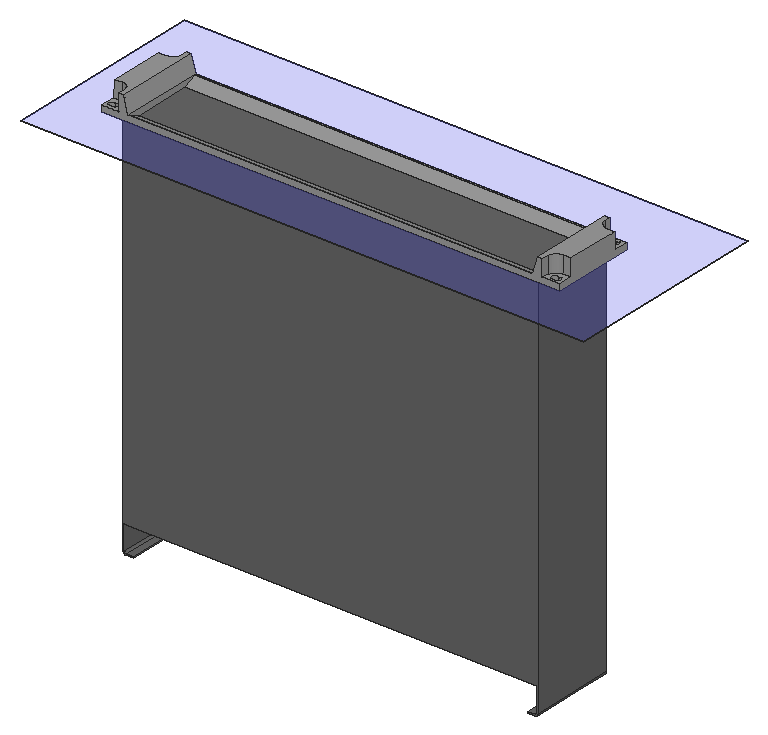
Revit family "QSC CXD 8 Channel Amplifier", category Generic Models, host Face, Revit 2014
Parameters (values of type "CXD8.8Q")
  Width = 482.6 mm  # constant formula
  Weight Product (lb) = 26
  Weight Product (kg) = 11.8
  Weight Dimensional (lb) = 30
  Weight Dimensional (kg) = 13.6
  Voltage AC = "100-240 at 50-60 Hz"  # constant formula
  URL = ""
  Regulatory Compliance = "UL, CE, RoHS/WEEE, FCC Class A"  # constant formula
  Product Page URL = "https://www.qsc.com/systems/products/power-amplifiers/dsp-amplifiers-ethernet/cxd-q-series/cxd88q/"
  Product Documentation Link = "https://www.qsc.com/resource-files/productresources/amp/cxd-q/q_amp_cxdq_8_specs.pdf"
  Model = "CXD8.8Q"
  Manufacturer URL = "http://www.qsc.com"
  Manufacturer = "QSC"  # constant formula
  Inner Front Width [instance] = 427.203 mm
  Height = 88.9 mm  # constant formula
  Heat Load Standby [instance] = 0
  Heat Load Active [instance] = 0
  Face Material [instance] = Light Gray Finish
  Description = "8000 Watt Multi-Channel Network Amplifier"
  Depth = 434.0 mm  # constant formula
  Default Elevation = 0.0 mm
  Current Draw [instance] = 0
  Amplifier Material [instance] = Black Finish
Types (5, lengths in mm): name | Weight Product (lb) | Weight Product (kg) | Weight Dimensional (lb) | Weight Dimensional (kg) | Product Page URL | Model | Description
  (no name) | 26 | 11.8 | 30 | 13.6 | "https://www.qsc.com/systems/products/power-amplifiers/dsp-amplifiers-ethernet/cxd-q-series/cxd88q/" | "CXD8.8Q" | "8000 Watt Multi-Channel Network Amplifier"
  CXD8.4Q | 25 | 11.3 | 29 | 13.2 | "https://www.qsc.com/systems/products/power-amplifiers/dsp-amplifiers-ethernet/cxd-q-series/cxd84q/" | "CXD8.4Q" | "4000 Watt Multi-Channel Network Amplifier"
  CXD8.4Qn | 25 | 11.3 | 29 | 13.2 | "https://www.qsc.com/systems/products/power-amplifiers/dsp-amplifiers-ethernet/cxd-q-series/cxd84qn/\r\nhttps://www.qsc.com/systems/products/power-amplifiers/dsp-amplifiers-ethernet/cxd-q-series/cxd84qn/\r\nhttps://www.qsc.com/systems/products/power-amplifiers/dsp-amplifiers-ethernet/cxd-q-series/cxd84qn/" | "CXD8.4Qn" | "4000 Watt Multi-Channel Network Only Amplifier"
  CXD8.8Q | 26 | 11.8 | 30 | 13.6 | "https://www.qsc.com/systems/products/power-amplifiers/dsp-amplifiers-ethernet/cxd-q-series/cxd88q/" | "CXD8.8Q" | "8000 Watt Multi-Channel Network Amplifier"
  CXD8.8Qn | 26 | 11.8 | 30 | 13.6 | "https://www.qsc.com/systems/products/power-amplifiers/dsp-amplifiers-ethernet/cxd-q-series/cxd88qn/" | "CXD8.8Qn" | "8000 Watt Multi-Channel Network Only Amplifier"
Reference planes
  plane 1 "Center (Front/Back)": y = 0
  plane 2: z = 0
  plane 3 "Center (Left/Right)": x = 0
  plane 4 "Left": x = -241.3
  plane 5 "Right": x = 241.3
  plane 6 "Top": y = 44.45
  plane 7 "Bottom": y = -44.45
  plane 8 "Back": z = -410.101
  plane 9: z = -381.399
  plane 10: x = -219.019
  plane 11: x = 219.019
  plane 12 "Front": z = 23.899
  plane 13: x = -207.869
  plane 14: x = 207.869
  plane 15: x = -240.508
  plane 16: x = -218.308
  plane 17: x = -213.601
  plane 18: z = 6.33
  plane 19: x = 240.508
  plane 20: x = 218.308
  plane 21: x = 213.601
  plane 22: z = 6.33
  plane 23: z = 14.049
  plane 24 "Inner Left": x = -213.601
  plane 25 "Inner Right": x = 213.601
Forms (mm)
  Extrusion 1, solid, material "Glass"
    sketch origin (0, 0, 0) x (1, 0, 0) y (0, 1, 0)
      loop
        line (-284.09, 118.816) -> (-284.09, -98.587) -> (309.771, -98.587) -> (309.771, 118.816) -> (-284.09, 118.816)
    from 0 to -0.992
  Extrusion 2, solid, material "Black Finish" <- "Amplifier Material"
    sketch origin (0, -44.45, 0) x (-1, 0, 0) y (0, 0, 1)
      loop
        line (241.3, 0) -> (-241.3, 0) -> (-241.3, -410.101) -> (241.3, -410.101) -> (241.3, 0)
    from 0 to 88.9 <- "Height"
  Extrusion 3, void
    sketch origin (0, -44.45, 0) x (-1, 0, 0) y (0, 0, 1)
      loop
        line (219.019, -410.101) -> (241.3, -410.101) -> (241.3, 0) -> (219.019, 0) -> (219.019, -410.101)
      loop
        line (-241.3, -410.101) -> (-219.019, -410.101) -> (-219.019, 0) -> (-241.3, 0) -> (-241.3, -410.101)
    from 0 to 88.9 <- "Height"
  Extrusion 4, void
    sketch origin (0, -44.45, 0) x (-1, 0, 0) y (0, 0, 1)
      loop
        arc (219.019, -406.799) -> (218.052, -409.134) -> (215.717, -410.101) r 3.302
        line (215.717, -410.101) -> (219.019, -410.101) -> (219.019, -406.799)
      loop
        line (217.818, -406.799) -> (217.818, -381.399) -> (-217.818, -381.399) -> (-217.818, -406.799)
        arc (-217.818, -406.799) -> (-217.202, -408.284) -> (-215.717, -408.9) r 2.101
        line (-215.717, -408.9) -> (-207.869, -408.9) -> (-207.869, -410.101) -> (207.869, -410.101) -> (207.869, -408.9) -> (215.717, -408.9)
        arc (215.717, -408.9) -> (217.202, -408.284) -> (217.818, -406.799) r 2.101
      loop
        line (-219.019, -406.799) -> (-219.019, -410.101) -> (-215.717, -410.101)
        arc (-215.717, -410.101) -> (-218.052, -409.134) -> (-219.019, -406.799) r 3.302
    from 0 to 88.9
  Extrusion 5, void
    sketch origin (0, -44.45, 0) x (-1, 0, 0) y (0, 0, 1)
      loop
        line (241.3, 0) -> (241.3, 23.899) -> (240.508, 23.899) -> (241.3, 0)
      loop
        line (218.308, 23.899) -> (-218.308, 23.899) -> (-213.601, 6.33)
        arc (-213.601, 6.33) -> (0, 13.726) -> (213.601, 6.33) r 3088.117
        line (213.601, 6.33) -> (218.308, 23.899)
      loop
        line (-240.508, 23.899) -> (-241.3, 23.899) -> (-241.3, 0) -> (-240.508, 23.899)
    from 0 to 88.9
  Extrusion 6, void
    sketch origin (0, 0, 23.899) x (-1, 0, 0) y (0, -1, 0)
      loop
        line (241.3, -44.45) -> (241.3, -28.905) -> (232.687, -28.905)
        arc (232.687, -28.905) -> (226.184, -31.39) -> (222.994, -37.577) r 9.753
        line (222.994, -37.577) -> (222.994, -44.45) -> (241.3, -44.45)
      loop
        line (241.3, 44.45) -> (222.994, 44.45) -> (222.994, 37.577)
        arc (222.994, 37.577) -> (226.184, 31.39) -> (232.687, 28.905) r 9.753
        line (232.687, 28.905) -> (241.3, 28.905) -> (241.3, 44.45)
      loop
        line (-241.3, -44.45) -> (-222.994, -44.45) -> (-222.994, -37.577)
        arc (-222.994, -37.577) -> (-226.184, -31.39) -> (-232.687, -28.905) r 9.753
        line (-232.687, -28.905) -> (-241.3, -28.905) -> (-241.3, -44.45)
      loop
        line (-241.3, 44.45) -> (-241.3, 28.905) -> (-232.687, 28.905)
        arc (-232.687, 28.905) -> (-226.184, 31.39) -> (-222.994, 37.577) r 9.753
        line (-222.994, 37.577) -> (-222.994, 44.45) -> (-241.3, 44.45)
    from 0 to -17.363
  Extrusion 7, void
    sketch origin (0, 0, 23.899) x (-1, 0, 0) y (0, -1, 0)
      loop
        arc (235.24, -41.935) -> (238.491, -38.684) -> (235.24, -35.433) r 3.251
        line (235.24, -35.433) -> (231.938, -35.433)
        arc (231.938, -35.433) -> (228.686, -38.684) -> (231.938, -41.935) r 3.251
        line (231.938, -41.935) -> (235.24, -41.935)
      loop
        arc (235.24, 35.433) -> (238.491, 38.684) -> (235.24, 41.935) r 3.251
        line (235.24, 41.935) -> (231.938, 41.935)
        arc (231.938, 41.935) -> (228.686, 38.684) -> (231.938, 35.433) r 3.251
        line (231.938, 35.433) -> (235.24, 35.433)
      loop
        arc (-231.938, -41.935) -> (-228.686, -38.684) -> (-231.938, -35.433) r 3.251
        line (-231.938, -35.433) -> (-235.24, -35.433)
        arc (-235.24, -35.433) -> (-238.491, -38.684) -> (-235.24, -41.935) r 3.251
        line (-235.24, -41.935) -> (-231.938, -41.935)
      loop
        arc (-231.938, 35.433) -> (-228.686, 38.684) -> (-231.938, 41.935) r 3.251
        line (-231.938, 41.935) -> (-235.24, 41.935)
        arc (-235.24, 41.935) -> (-238.491, 38.684) -> (-235.24, 35.433) r 3.251
        line (-235.24, 35.433) -> (-231.938, 35.433)
    from 0 to -25.4
  Extrusion 8, void
    sketch origin (-213.601, 0, 0) x (0, 1, 0) y (0, 0, 1)
      loop
        line (42.942, 5.825) -> (44.45, 23.899) -> (42.942, 23.899) -> (-44.45, 23.899) -> (-43.067, 5.712) -> (-30.265, 0) -> (30.581, 0) -> (42.942, 5.825)
    from 0 to 427.203 <- "Inner Front Width"
  Extrusion 9, void
    sketch origin (0, 0, -410.101) x (-1, 0, 0) y (0, -1, 0)
      loop
        line (-196.103, 5.009) -> (-183.681, 5.009) -> (-183.681, 28.269) -> (-196.103, 28.269) -> (-196.103, 5.009)
      loop
        line (67.483, -13.082) -> (87.397, -13.082) -> (87.397, -3.225) -> (67.483, -3.225) -> (67.483, -13.082)
      loop
        line (92.883, -13.082) -> (112.797, -13.082) -> (112.797, -3.225) -> (92.883, -3.225) -> (92.883, -13.082)
      loop
        line (118.283, -13.082) -> (138.197, -13.082) -> (138.197, -3.225) -> (118.283, -3.225) -> (118.283, -13.082)
      loop
        line (143.683, -13.082) -> (163.597, -13.082) -> (163.597, -3.225) -> (143.683, -3.225) -> (143.683, -13.082)
      loop
        line (186.289, 14.258) -> (201.973, 14.258) -> (201.973, 36.368) -> (186.289, 36.368) -> (186.289, 14.258)
      loop
        line (203.056, -9.263) -> (190.356, -9.263) -> (190.356, -25.649) -> (203.056, -25.649) -> (203.056, -9.263)
      loop
        line (189.464, -9.263) -> (176.764, -9.263) -> (176.764, -25.649) -> (189.464, -25.649) -> (189.464, -9.263)
      loop
        line (17.692, -30.016) -> (24.938, -30.016) -> (24.938, -23.09) -> (17.692, -23.09) -> (17.692, -30.016)
      loop
        line (17.692, -22.396) -> (24.938, -22.396) -> (24.938, -15.47) -> (17.692, -15.47) -> (17.692, -22.396)
      loop
        line (17.692, -14.776) -> (24.938, -14.776) -> (24.938, -7.85) -> (17.692, -7.85) -> (17.692, -14.776)
      loop
        line (17.692, -7.156) -> (24.938, -7.156) -> (24.938, -0.23) -> (17.692, -0.23) -> (17.692, -7.156)
      loop
        line (17.692, 0.464) -> (24.938, 0.464) -> (24.938, 7.39) -> (17.692, 7.39) -> (17.692, 0.464)
      loop
        line (17.692, 8.084) -> (24.938, 8.084) -> (24.938, 15.01) -> (17.692, 15.01) -> (17.692, 8.084)
      loop
        line (17.692, 15.704) -> (24.938, 15.704) -> (24.938, 22.63) -> (17.692, 22.63) -> (17.692, 15.704)
      loop
        line (17.692, 23.324) -> (24.938, 23.324) -> (24.938, 30.25) -> (17.692, 30.25) -> (17.692, 23.324)
    from 0 to 31.75
  Extrusion 10, solid, material "Light Gray Finish" <- "Face Material"
    sketch origin (0, -44.45, 0) x (-1, 0, 0) y (0, 0, 1)
      loop
        line (241.3, 23.899) -> (-241.3, 23.899) -> (-241.3, 0) -> (241.3, 0) -> (241.3, 23.899)
    from 0 to 88.9 <- "Height"
Cuts and joins
  Extrusion 3, Extrusion 4, Extrusion 5, Extrusion 6, Extrusion 7, Extrusion 8, Extrusion 9 cuts Extrusion 2
  Extrusion 5, Extrusion 6, Extrusion 7, Extrusion 8 cuts Extrusion 10
Lines and regions (mm)
  model lines, detail levels fine
    curve 1: arc (-219.019, 31.702, -388.707) -> (-219.019, 28.451, -385.455) -> (-219.019, 25.199, -388.707) r 3.251
    curve 2: line (-219.019, 25.199, -388.707) -> (-219.019, 25.199, -392.009)
    curve 3: arc (-219.019, 25.199, -392.009) -> (-219.019, 28.451, -395.26) -> (-219.019, 31.702, -392.009) r 3.251
    curve 4: line (-219.019, 31.702, -392.009) -> (-219.019, 31.702, -388.707)
    curve 5: arc (-219.019, 17.605, -401.915) -> (-219.019, 15.827, -400.137) -> (-219.019, 14.049, -401.915) r 1.778
    curve 6: arc (-219.019, 14.049, -401.915) -> (-219.019, 15.827, -403.693) -> (-219.019, 17.605, -401.915) r 1.778
    curve 7: arc (-219.019, -14.049, -401.915) -> (-219.019, -15.827, -400.137) -> (-219.019, -17.605, -401.915) r 1.778
    curve 8: arc (-219.019, -17.605, -401.915) -> (-219.019, -15.827, -403.693) -> (-219.019, -14.049, -401.915) r 1.778
    curve 9: arc (-219.019, -31.702, -392.009) -> (-219.019, -28.451, -395.26) -> (-219.019, -25.199, -392.009) r 3.251
    curve 10: line (-219.019, -25.199, -392.009) -> (-219.019, -25.199, -388.707)
    curve 11: arc (-219.019, -25.199, -388.707) -> (-219.019, -28.451, -385.455) -> (-219.019, -31.702, -388.707) r 3.251
    curve 12: line (-219.019, -31.702, -388.707) -> (-219.019, -31.702, -392.009)
    curve 13: arc (219.019, 31.702, -388.707) -> (219.019, 28.451, -385.455) -> (219.019, 25.199, -388.707) r 3.251
    curve 14: line (219.019, 25.199, -388.707) -> (219.019, 25.199, -392.009)
    curve 15: arc (219.019, 25.199, -392.009) -> (219.019, 28.451, -395.26) -> (219.019, 31.702, -392.009) r 3.251
    curve 16: line (219.019, 31.702, -392.009) -> (219.019, 31.702, -388.707)
    curve 17: arc (219.019, 17.605, -401.915) -> (219.019, 15.827, -400.137) -> (219.019, 14.049, -401.915) r 1.778
    curve 18: arc (219.019, 14.049, -401.915) -> (219.019, 15.827, -403.693) -> (219.019, 17.605, -401.915) r 1.778
    curve 19: arc (219.019, -14.049, -401.915) -> (219.019, -15.827, -400.137) -> (219.019, -17.605, -401.915) r 1.778
    curve 20: arc (219.019, -17.605, -401.915) -> (219.019, -15.827, -403.693) -> (219.019, -14.049, -401.915) r 1.778
    curve 21: arc (219.019, -31.702, -392.009) -> (219.019, -28.451, -395.26) -> (219.019, -25.199, -392.009) r 3.251
    curve 22: line (219.019, -25.199, -392.009) -> (219.019, -25.199, -388.707)
    curve 23: arc (219.019, -25.199, -388.707) -> (219.019, -28.451, -385.455) -> (219.019, -31.702, -388.707) r 3.251
    curve 24: line (219.019, -31.702, -388.707) -> (219.019, -31.702, -392.009)
    curve 25: circle (-211.933, 15.827, -410.101) r 1.778 normal (0, 0, 1)
    curve 26: circle (-211.933, -15.827, -410.101) r 1.778 normal (0, 0, -1)
    curve 27: circle (211.933, 15.827, -410.101) r 1.778 normal (0, 0, -1)
    curve 28: circle (211.933, -15.827, -410.101) r 1.778 normal (0, 0, 1)
    curve 61: line (-5.971, 18.803, 2.278) -> (-9.502, 22.296, 2.278)
    curve 62: line (57.828, 18.803, 2.278) -> (61.359, 22.296, 2.278)
    curve 63: line (57.828, -19.348, 2.278) -> (61.359, -22.84, 2.278)
    curve 64: line (-5.971, -19.348, 2.278) -> (-9.502, -22.84, 2.278)
    curve 69: arc (-99.815, -1.556, 2.278) -> (-100.423, -4.905, 2.278) -> (-101.046, -1.559, 2.278) r 1.73
    curve 70: line (-100.427, -3.175, 2.278) -> (-100.427, -0.069, 2.278)
    curve 71: line (-69.946, 17.216, 2.278) -> (-61.84, 17.216, 2.278)
    curve 72: line (-69.946, 13.082, 2.278) -> (-69.946, 17.216, 2.278)
    curve 73: line (-61.84, 13.082, 2.278) -> (-69.946, 13.082, 2.278)
    curve 74: line (-61.84, 17.216, 2.278) -> (-61.84, 13.082, 2.278)
    curve 75: line (-31.846, 17.216, 2.278) -> (-23.74, 17.216, 2.278)
    curve 76: line (-31.846, 13.082, 2.278) -> (-31.846, 17.216, 2.278)
    curve 77: line (-23.74, 13.082, 2.278) -> (-31.846, 13.082, 2.278)
    curve 78: line (-23.74, 17.216, 2.278) -> (-23.74, 13.082, 2.278)
    curve 79: line (-57.246, 17.216, 2.278) -> (-49.14, 17.216, 2.278)
    curve 80: line (-57.246, 13.082, 2.278) -> (-57.246, 17.216, 2.278)
    curve 81: line (-49.14, 13.082, 2.278) -> (-57.246, 13.082, 2.278)
    curve 82: line (-49.14, 17.216, 2.278) -> (-49.14, 13.082, 2.278)
    curve 83: line (-44.546, 17.216, 2.278) -> (-36.44, 17.216, 2.278)
    curve 84: line (-44.546, 13.082, 2.278) -> (-44.546, 17.216, 2.278)
    curve 85: line (-36.44, 13.082, 2.278) -> (-44.546, 13.082, 2.278)
    curve 86: line (-36.44, 17.216, 2.278) -> (-36.44, 13.082, 2.278)
    curve 87: line (-69.946, -5.009, 2.278) -> (-61.84, -5.009, 2.278)
    curve 88: line (-69.946, -9.143, 2.278) -> (-69.946, -5.009, 2.278)
    curve 89: line (-61.84, -9.143, 2.278) -> (-69.946, -9.143, 2.278)
    curve 90: line (-61.84, -5.009, 2.278) -> (-61.84, -9.143, 2.278)
    curve 91: line (-31.846, -5.009, 2.278) -> (-23.74, -5.009, 2.278)
    curve 92: line (-31.846, -9.143, 2.278) -> (-31.846, -5.009, 2.278)
    curve 93: line (-23.74, -9.143, 2.278) -> (-31.846, -9.143, 2.278)
    curve 94: line (-23.74, -5.009, 2.278) -> (-23.74, -9.143, 2.278)
    curve 95: line (-57.246, -5.009, 2.278) -> (-49.14, -5.009, 2.278)
    curve 96: line (-57.246, -9.143, 2.278) -> (-57.246, -5.009, 2.278)
    curve 97: line (-49.14, -9.143, 2.278) -> (-57.246, -9.143, 2.278)
    curve 98: line (-49.14, -5.009, 2.278) -> (-49.14, -9.143, 2.278)
    curve 99: line (-44.546, -5.009, 2.278) -> (-36.44, -5.009, 2.278)
    curve 100: line (-44.546, -9.143, 2.278) -> (-44.546, -5.009, 2.278)
    curve 101: line (-36.44, -9.143, 2.278) -> (-44.546, -9.143, 2.278)
    curve 102: line (-36.44, -5.009, 2.278) -> (-36.44, -9.143, 2.278)
    curve 103: line (69.724, 22.296, 2.278) -> (80.216, 22.296, 2.278)
    curve 104: line (69.724, 16.257, 2.278) -> (69.724, 22.296, 2.278)
    curve 105: line (80.216, 16.257, 2.278) -> (69.724, 16.257, 2.278)
    curve 106: line (80.216, 22.296, 2.278) -> (80.216, 16.257, 2.278)
    curve 107: line (69.724, -16.802, 2.278) -> (80.216, -16.802, 2.278)
    curve 108: line (69.724, -22.84, 2.278) -> (69.724, -16.802, 2.278)
    curve 109: line (80.216, -22.84, 2.278) -> (69.724, -22.84, 2.278)
    curve 110: line (80.216, -16.802, 2.278) -> (80.216, -22.84, 2.278)
    curve 111: line (69.724, 9.263, 2.278) -> (80.216, 9.263, 2.278)
    curve 112: line (69.724, 3.225, 2.278) -> (69.724, 9.263, 2.278)
    curve 113: line (80.216, 3.225, 2.278) -> (69.724, 3.225, 2.278)
    curve 114: line (80.216, 9.263, 2.278) -> (80.216, 3.225, 2.278)
  model lines, style "GenericModel", detail levels fine
    curve 29: line (2.049, -37.361, 3.166) -> (-0.167, -34.694, 1.976)
    curve 30: line (-0.167, -34.694, 1.976) -> (2.049, -37.361, 3.166)
    curve 31: line (-8.203, -37.028, 3.018) -> (-7.365, -34.277, 1.79)
    curve 32: line (-7.365, -34.277, 1.79) -> (-8.203, -37.028, 3.018)
    curve 33: line (-6.804, -38.849, 3.831) -> (-7.429, -33.759, 1.559)
    curve 34: line (-7.429, -33.759, 1.559) -> (-6.804, -38.849, 3.831)
    curve 35: line (5.017, -35.288, 2.241) -> (6.993, -36.614, 2.833)
    curve 36: line (6.993, -36.614, 2.833) -> (5.017, -35.288, 2.241)
  model lines, style "GenericModel", not visible, detail levels fine
    curve 37: line (344.322, -25.724, 0.794) -> (342.106, -22.804, 0.794)
    curve 38: line (342.106, -22.804, 0.794) -> (344.322, -25.724, 0.794)
    curve 39: line (334.07, -25.359, 0.794) -> (334.908, -22.347, 0.794)
    curve 40: line (334.908, -22.347, 0.794) -> (334.07, -25.359, 0.794)
    curve 41: line (335.469, -27.353, 0.794) -> (334.844, -21.779, 0.794)
    curve 42: line (334.844, -21.779, 0.794) -> (335.469, -27.353, 0.794)
    curve 43: line (347.29, -23.453, 0.794) -> (349.266, -24.905, 0.794)
    curve 44: line (349.266, -24.905, 0.794) -> (347.29, -23.453, 0.794)
  model lines, not visible
    curve 45: arc (-104.012, -1.588, 45.52) -> (-96.511, 5.913, 45.52) -> (-89.011, -1.588, 45.52) r 7.501
    curve 46: arc (-89.011, -1.588, 45.52) -> (-96.511, -9.088, 45.52) -> (-104.012, -1.588, 45.52) r 7.501
    curve 47: arc (73.897, 4.762, 45.52) -> (89.396, 20.262, 45.52) -> (104.895, 4.762, 45.52) r 15.499
    curve 48: arc (104.895, 4.762, 45.52) -> (89.396, -10.737, 45.52) -> (73.897, 4.762, 45.52) r 15.499
    curve 49: line (54.287, 24.465, 45.52) -> (54.287, -20.671, 45.52)
    curve 50: line (54.287, -20.671, 45.52) -> (-16.573, -20.671, 45.52)
    curve 51: line (-16.573, -20.671, 45.52) -> (-16.573, 24.465, 45.52)
    curve 52: line (-16.573, 24.465, 45.52) -> (54.287, 24.465, 45.52)
  model lines, detail levels medium+fine
    curve 53: line (-9.502, 22.296, 2.278) -> (61.359, 22.296, 2.278)
    curve 54: line (61.359, 22.296, 2.278) -> (61.359, -22.84, 2.278)
    curve 55: line (-9.502, -22.84, 2.278) -> (61.359, -22.84, 2.278)
    curve 56: line (-9.502, 22.296, 2.278) -> (-9.502, -22.84, 2.278)
    curve 57: line (-5.971, 18.803, 2.278) -> (57.828, 18.803, 2.278)
    curve 58: line (57.828, 18.803, 2.278) -> (57.828, -19.348, 2.278)
    curve 59: line (-5.971, 18.803, 2.278) -> (-5.971, -19.348, 2.278)
    curve 60: line (-5.971, -19.348, 2.278) -> (57.828, -19.348, 2.278)
    curve 65: circle (101.82, -2.619, 2.278) r 15.494 normal (0, 0, 1)
    curve 66: circle (101.82, -2.619, 2.278) r 10.922 normal (0, 0, 1)
    curve 67: circle (-100.427, -3.175, 2.278) r 7.501 normal (0, 0, 1)
    curve 68: circle (-100.427, -3.175, 2.278) r 6.05 normal (0, 0, 1)
Dimensions and locks
  "Depth": plane 12 "Front" to plane 8 "Back"
  equal spacing: plane 6 "Top", plane 1 "Center (Front/Back)", plane 7 "Bottom"
  "Height": plane 6 "Top" to plane 7 "Bottom"
  equal spacing: plane 4 "Left", plane 3 "Center (Left/Right)", plane 5 "Right"
  "Width": plane 4 "Left" to plane 5 "Right"
  plane 9 to plane 8 "Back" = 28.702 mm
  plane 4 "Left" to plane 10 = 22.281 mm
  plane 11 to plane 5 "Right" = 22.281 mm
  plane 12 "Front" to plane 2 = 23.899 mm
  plane 10 to plane 13 = 11.151 mm
  plane 14 to plane 11 = 11.151 mm
  "Inner Front Width": plane 24 "Inner Left" to plane 25 "Inner Right"
  aligned and locked: plane 2 to Extrusion 1
  aligned and locked: level to Extrusion 1
  aligned and locked: Extrusion 2 sketch curve to plane 4 "Left"
  aligned and locked: plane 8 "Back" to Extrusion 2 sketch curve
  aligned and locked: Extrusion 2 sketch curve to plane 5 "Right"
  aligned and locked: Extrusion 3 sketch curve to plane 8 "Back"
  aligned and locked: Extrusion 3 sketch curve to plane 10
  aligned and locked: level to Extrusion 3 sketch curve  (x2)
  aligned and locked: Extrusion 3 sketch curve to plane 4 "Left"
  aligned and locked: Extrusion 3 sketch curve to Extrusion 2
  aligned and locked: Extrusion 2 to Extrusion 3 sketch curve
  aligned and locked: Extrusion 3 sketch curve to plane 11
  aligned and locked: Extrusion 2 sketch curve to plane 2
Automatic sketch dimensions
  Extrusion 1 sketch curve to Extrusion 1 sketch curve = 593.861 mm
  Extrusion 1 sketch curve to Extrusion 1 sketch curve = 217.403 mm
  Extrusion 4 sketch curve to plane 11 = 0.0 mm
  Extrusion 4 sketch curve to plane 9 = 0.0 mm
  Extrusion 4 sketch curve to plane 8 "Back" = 0.0 mm  (x3)
  Extrusion 4 sketch curve to plane 14 = 0.0 mm
  Extrusion 4 sketch curve to plane 13 = 0.0 mm
  Extrusion 4 sketch curve to plane 10 = 0.0 mm
  Extrusion 4 sketch curve to plane 11 = 1.201 mm
  plane 8 "Back" to Extrusion 4 sketch curve = 1.202 mm  (x2)
  plane 25 "Inner Right" to Extrusion 4 sketch curve = 2.116 mm
  Extrusion 4 sketch curve to Extrusion 4 sketch curve = 0.0 mm  (x2)
  Extrusion 4 sketch curve to plane 24 "Inner Left" = 2.116 mm
  plane 10 to Extrusion 4 sketch curve = 1.201 mm
  Extrusion 5 sketch curve to level = 0.0 mm  (x2)
  Extrusion 5 sketch curve to plane 5 "Right" = 0.0 mm
  Extrusion 5 sketch curve to plane 12 "Front" = 0.0 mm  (x3)
  plane 19 to Extrusion 5 sketch curve = 0.0 mm
  plane 20 to Extrusion 5 sketch curve = 0.0 mm
  Extrusion 5 sketch curve to plane 18 = 0.0 mm
  plane 21 to Extrusion 5 sketch curve = 0.0 mm
  Extrusion 5 sketch curve to plane 3 "Center (Left/Right)" = 0.0 mm
  Extrusion 5 sketch curve to plane 17 = 0.0 mm
  Extrusion 5 sketch curve to plane 16 = 0.0 mm
  Extrusion 5 sketch curve to plane 15 = 0.0 mm
  Extrusion 5 sketch curve to plane 4 "Left" = 0.0 mm
  Extrusion 5 sketch curve to plane 8 "Back" = 2664.29 mm
  Extrusion 6 sketch curve to plane 5 "Right" = 0.0 mm  (x2)
  Extrusion 6 sketch curve to plane 6 "Top" = 0.0 mm  (x2)
  Extrusion 6 sketch curve to plane 7 "Bottom" = 0.0 mm  (x2)
  Extrusion 6 sketch curve to plane 4 "Left" = 0.0 mm  (x2)
  Extrusion 6 sketch curve to plane 5 "Right" = 8.613 mm  (x2)
  plane 11 to Extrusion 6 sketch curve = 3.975 mm  (x2)
  Extrusion 6 sketch curve to plane 10 = 3.975 mm  (x2)
  plane 4 "Left" to Extrusion 6 sketch curve = 8.613 mm  (x2)
  Extrusion 6 sketch curve to plane 6 "Top" = 5.792 mm  (x2)
  Extrusion 6 sketch curve to plane 6 "Top" = 6.873 mm  (x2)
  plane 7 "Bottom" to Extrusion 6 sketch curve = 15.545 mm  (x2)
  plane 7 "Bottom" to Extrusion 6 sketch curve = 6.873 mm  (x2)
  plane 7 "Bottom" to Extrusion 7 sketch curve = 2.515 mm  (x2)
  Extrusion 7 sketch curve to plane 5 "Right" = 6.06 mm  (x2)
  Extrusion 7 sketch curve to Extrusion 7 sketch curve = 3.302 mm  (x4)
  plane 4 "Left" to Extrusion 7 sketch curve = 9.362 mm  (x2)
  Extrusion 7 sketch curve to plane 6 "Top" = 2.515 mm  (x2)
  Extrusion 7 sketch curve to Extrusion 7 sketch curve = 3.251 mm  (x2)
  Extrusion 7 sketch curve to Extrusion 7 sketch curve = 6.502 mm  (x2)
  curve 5 to curve 6 = 0.0 mm  (x2)
  curve 7 to curve 8 = 0.0 mm  (x2)
  curve 1 to Extrusion 3 = 21.394 mm
  curve 11 to Extrusion 3 = 21.394 mm
  curve 2 to curve 3 = 3.302 mm
  curve 10 to curve 10 = 3.302 mm
  curve 8 to Extrusion 3 = 8.186 mm
  curve 6 to Extrusion 3 = 8.186 mm
  Extrusion 3 to curve 1 = 12.748 mm
  curve 4 to curve 1 = 3.251 mm
  curve 3 to curve 5 = 7.595 mm
  curve 5 to curve 6 = 1.778 mm
  curve 5 to curve 7 = 28.097 mm
  curve 7 to curve 7 = 1.778 mm
  curve 8 to curve 11 = 7.595 mm
  curve 10 to curve 11 = 3.251 mm
  curve 17 to curve 18 = 0.0 mm  (x2)
  curve 19 to curve 20 = 0.0 mm  (x2)
  curve 19 to Extrusion 3 = 8.186 mm
  curve 18 to Extrusion 3 = 8.186 mm
  curve 17 to curve 16 = 9.906 mm
  curve 20 to curve 24 = 9.906 mm
  curve 15 to curve 16 = 3.302 mm
  curve 21 to curve 22 = 3.302 mm
  Extrusion 3 to curve 13 = 12.748 mm
  curve 13 to curve 13 = 3.251 mm
  curve 15 to curve 17 = 7.595 mm
  curve 17 to curve 18 = 1.778 mm
  curve 17 to curve 19 = 28.097 mm
  curve 19 to curve 19 = 1.778 mm
  curve 20 to curve 23 = 7.595 mm
  curve 22 to curve 23 = 3.251 mm
  curve 27 to plane 25 "Inner Right" = 1.669 mm
  curve 28 to plane 25 "Inner Right" = 1.669 mm
  plane 24 "Inner Left" to curve 26 = 1.669 mm
  plane 24 "Inner Left" to curve 25 = 1.669 mm
  curve 27 to plane 1 "Center (Front/Back)" = 15.827 mm
  curve 25 to plane 1 "Center (Front/Back)" = 15.827 mm
  plane 1 "Center (Front/Back)" to curve 28 = 15.827 mm
  plane 1 "Center (Front/Back)" to curve 26 = 15.827 mm
  Extrusion 8 sketch curve to plane 7 "Bottom" = 0.0 mm
  Extrusion 8 sketch curve to plane 12 "Front" = 0.0 mm
  Extrusion 8 sketch curve to plane 6 "Top" = 0.0 mm
  plane 7 "Bottom" to Extrusion 8 sketch curve = 1.383 mm
  Extrusion 8 sketch curve to Extrusion 8 sketch curve = 12.802 mm
  Extrusion 8 sketch curve to plane 6 "Top" = 13.869 mm
  Extrusion 8 sketch curve to plane 6 "Top" = 1.508 mm
  Extrusion 8 sketch curve to Extrusion 8 sketch curve = 1.508 mm
  curve 65 to curve 66 = 0.0 mm  (x2)
  curve 67 to curve 68 = 0.0 mm  (x2)
  curve 67 to curve 69 = 0.0 mm
  curve 68 to curve 69 = 0.0 mm
  curve 56 to plane 3 "Center (Left/Right)" = 9.502 mm
  plane 7 "Bottom" to curve 56 = 21.61 mm
  curve 64 to plane 3 "Center (Left/Right)" = 5.971 mm
  curve 55 to curve 64 = 3.492 mm
  plane 1 "Center (Front/Back)" to curve 67 = 3.175 mm
  curve 70 to curve 67 = 0.0 mm
  plane 1 "Center (Front/Back)" to curve 65 = 2.619 mm
  plane 1 "Center (Front/Back)" to curve 69 = 1.559 mm
  curve 69 to curve 69 = 0.003 mm
  plane 1 "Center (Front/Back)" to curve 70 = 0.069 mm
  curve 58 to plane 1 "Center (Front/Back)" = 18.803 mm
  curve 57 to curve 61 = 3.493 mm
  plane 3 "Center (Left/Right)" to curve 62 = 57.828 mm
  curve 53 to curve 57 = 3.531 mm
  curve 66 to curve 54 = 40.461 mm
  curve 55 to curve 69 = 90.313 mm
  curve 69 to curve 69 = 0.612 mm
  curve 69 to curve 70 = 0.612 mm
  Extrusion 10 sketch curve to level = 0.0 mm
  Extrusion 10 sketch curve to plane 4 "Left" = 0.0 mm
  Extrusion 10 sketch curve to plane 12 "Front" = 0.0 mm
  Extrusion 10 sketch curve to plane 5 "Right" = 0.0 mm
  level to Extrusion 8 sketch curve = 5.825 mm
  level to Extrusion 8 sketch curve = 5.712 mm
  level to Extrusion 8 sketch curve = 0.0 mm
  curve 76 to plane 1 "Center (Front/Back)" = 13.082 mm
  curve 81 to curve 84 = 0.0 mm
  curve 85 to curve 76 = 0.0 mm
  curve 74 to curve 80 = 0.0 mm
  curve 72 to curve 72 = 4.133 mm
  curve 76 to curve 75 = 4.133 mm
  curve 85 to curve 86 = 4.133 mm
  curve 80 to curve 79 = 4.133 mm
  curve 53 to curve 77 = 14.238 mm
  curve 77 to curve 77 = 8.106 mm
  curve 76 to curve 85 = 4.594 mm
  curve 85 to curve 84 = 8.106 mm
  curve 84 to curve 82 = 4.594 mm
  curve 81 to curve 81 = 8.106 mm
  curve 79 to curve 71 = 4.594 mm
  curve 71 to curve 71 = 8.106 mm
  plane 1 "Center (Front/Back)" to curve 90 = 9.143 mm
  curve 98 to curve 100 = 0.0 mm
  curve 101 to curve 92 = 0.0 mm
  curve 89 to curve 97 = 0.0 mm
  curve 88 to curve 88 = 4.133 mm
  curve 97 to curve 98 = 4.133 mm
  curve 93 to curve 91 = 4.133 mm
  curve 100 to curve 100 = 4.133 mm
  curve 55 to curve 94 = 14.238 mm
  curve 91 to curve 91 = 8.106 mm
  curve 92 to curve 101 = 4.594 mm
  curve 101 to curve 101 = 8.106 mm
  curve 100 to curve 98 = 4.594 mm
  curve 95 to curve 95 = 8.106 mm
  curve 96 to curve 90 = 4.594 mm
  curve 87 to curve 87 = 8.106 mm
  curve 54 to curve 109 = 0.0 mm
  curve 108 to curve 108 = 6.038 mm
  curve 113 to plane 1 "Center (Front/Back)" = 3.225 mm
  curve 113 to curve 114 = 6.038 mm
  curve 111 to curve 104 = 6.994 mm
  curve 104 to curve 103 = 6.038 mm
  curve 105 to curve 53 = 18.857 mm
  curve 107 to curve 54 = 18.857 mm
  curve 111 to curve 105 = 0.0 mm
  curve 111 to curve 112 = 10.491 mm
  curve 104 to curve 112 = 0.0 mm
  curve 107 to curve 54 = 8.366 mm
  Extrusion 9 sketch curve to plane 14 = 11.766 mm
  Extrusion 9 sketch curve to Extrusion 9 sketch curve = 12.421 mm
  plane 7 "Bottom" to Extrusion 9 sketch curve = 14.2 mm
  Extrusion 9 sketch curve to plane 3 "Center (Left/Right)" = 17.692 mm
  Extrusion 9 sketch curve to Extrusion 9 sketch curve = 0.0 mm  (x15)
  Extrusion 9 sketch curve to Extrusion 9 sketch curve = 7.246 mm  (x3)
  Extrusion 9 sketch curve to plane 1 "Center (Front/Back)" = 3.225 mm  (x4)
  Extrusion 9 sketch curve to Extrusion 9 sketch curve = 42.545 mm
  Extrusion 9 sketch curve to Extrusion 9 sketch curve = 19.914 mm  (x4)
  Extrusion 9 sketch curve to Extrusion 9 sketch curve = 5.486 mm  (x3)
  Extrusion 9 sketch curve to Extrusion 9 sketch curve = 13.167 mm
  plane 7 "Bottom" to Extrusion 9 sketch curve = 8.082 mm
  plane 13 to Extrusion 9 sketch curve = 21.579 mm
  Extrusion 9 sketch curve to Extrusion 9 sketch curve = 12.7 mm
  Extrusion 9 sketch curve to Extrusion 9 sketch curve = 0.891 mm
  plane 13 to Extrusion 9 sketch curve = 5.896 mm
  plane 13 to Extrusion 9 sketch curve = 4.813 mm
  Extrusion 9 sketch curve to plane 1 "Center (Front/Back)" = 7.156 mm
  Extrusion 9 sketch curve to plane 1 "Center (Front/Back)" = 9.263 mm
  Extrusion 9 sketch curve to Extrusion 9 sketch curve = 0.693 mm  (x7)
  Extrusion 9 sketch curve to Extrusion 9 sketch curve = 9.858 mm  (x3)
  Extrusion 9 sketch curve to Extrusion 9 sketch curve = 6.927 mm  (x5)
  Extrusion 9 sketch curve to Extrusion 9 sketch curve = 16.386 mm
  Extrusion 9 sketch curve to plane 1 "Center (Front/Back)" = 0.23 mm
  plane 1 "Center (Front/Back)" to Extrusion 9 sketch curve = 5.009 mm
  plane 1 "Center (Front/Back)" to Extrusion 9 sketch curve = 7.39 mm
  plane 1 "Center (Front/Back)" to Extrusion 9 sketch curve = 14.258 mm
  plane 7 "Bottom" to Extrusion 9 sketch curve = 16.181 mm
  radius of curve 25 = 1.778 mm
  radius of curve 26 = 1.778 mm
  radius of curve 27 = 1.778 mm
  radius of curve 28 = 1.778 mm
  radius of curve 65 = 15.494 mm
  radius of curve 66 = 10.922 mm
  radius of curve 67 = 7.501 mm
  radius of curve 68 = 6.05 mm
Connectors
  electrical at (189.892, -16.639, -378.351)
    settings: on cut or joined group 1 (Extrusion 2, Extrusion 3, Extrusion 4, Extrusion 5, Extrusion 6, Extrusion 7, Extrusion 8, Extrusion 9), index 1, voltage 0 V, apparent load 0 VA, apparent load phase1 0 VA, apparent load phase2 0 VA, apparent load phase3 0 VA, power factor 1, load classification "Other", number of poles 1, system type 31, power factor state 1, is connector primary yes, connector utility no, sub classification motor no, connector description "120-240VAC, 50-60Hz"
  electrical at (-196.706, 17.456, -378.351)
    settings: on cut or joined group 1, index 2, voltage 0 V, apparent load 0 VA, apparent load phase1 0 VA, apparent load phase2 0 VA, apparent load phase3 0 VA, power factor 1, load classification "Other", number of poles 1, system type 5, power factor state 1, is connector primary no, connector utility no, sub classification motor no, connector description "LAN A"
  electrical at (-183.114, 17.456, -378.351)
    settings: on cut or joined group 1, index 3, voltage 0 V, apparent load 0 VA, apparent load phase1 0 VA, apparent load phase2 0 VA, apparent load phase3 0 VA, power factor 1, load classification "Other", number of poles 1, system type 5, power factor state 1, is connector primary no, connector utility no, sub classification motor no, connector description ""
  electrical at (-153.64, 8.154, -378.351)
    settings: on cut or joined group 1, index 4, voltage 0 V, apparent load 0 VA, apparent load phase1 0 VA, apparent load phase2 0 VA, apparent load phase3 0 VA, power factor 1, load classification "Other", number of poles 1, system type 14, power factor state 1, is connector primary no, connector utility no, sub classification motor no, connector description "Input 1"
  electrical at (-128.24, 8.154, -378.351)
    settings: on cut or joined group 1, index 5, voltage 0 V, apparent load 0 VA, apparent load phase1 0 VA, apparent load phase2 0 VA, apparent load phase3 0 VA, power factor 1, load classification "Other", number of poles 1, system type 14, power factor state 1, is connector primary no, connector utility no, sub classification motor no, connector description "Input 2"
  electrical at (-102.84, 8.154, -378.351)
    settings: on cut or joined group 1, index 6, voltage 0 V, apparent load 0 VA, apparent load phase1 0 VA, apparent load phase2 0 VA, apparent load phase3 0 VA, power factor 1, load classification "Other", number of poles 1, system type 14, power factor state 1, is connector primary no, connector utility no, sub classification motor no, connector description "Input 3"
  electrical at (-77.44, 8.154, -378.351)
    settings: on cut or joined group 1, index 7, voltage 0 V, apparent load 0 VA, apparent load phase1 0 VA, apparent load phase2 0 VA, apparent load phase3 0 VA, power factor 1, load classification "Other", number of poles 1, system type 14, power factor state 1, is connector primary no, connector utility no, sub classification motor no, connector description "Input 4"
  electrical at (-21.315, 26.553, -378.351)
    settings: on cut or joined group 1, index 8, voltage 0 V, apparent load 0 VA, apparent load phase1 0 VA, apparent load phase2 0 VA, apparent load phase3 0 VA, power factor 1, load classification "Other", number of poles 1, system type 14, power factor state 1, is connector primary no, connector utility no, sub classification motor no, connector description "Output T1"
  electrical at (-21.315, 18.933, -378.351)
    settings: on cut or joined group 1, index 9, voltage 0 V, apparent load 0 VA, apparent load phase1 0 VA, apparent load phase2 0 VA, apparent load phase3 0 VA, power factor 1, load classification "Other", number of poles 1, system type 14, power factor state 1, is connector primary no, connector utility no, sub classification motor no, connector description "Output T2"
  electrical at (-21.315, 11.313, -378.351)
    settings: on cut or joined group 1, index 10, voltage 0 V, apparent load 0 VA, apparent load phase1 0 VA, apparent load phase2 0 VA, apparent load phase3 0 VA, power factor 1, load classification "Other", number of poles 1, system type 14, power factor state 1, is connector primary no, connector utility no, sub classification motor no, connector description "Output T3"
  electrical at (-21.315, 3.693, -378.351)
    settings: on cut or joined group 1, index 11, voltage 0 V, apparent load 0 VA, apparent load phase1 0 VA, apparent load phase2 0 VA, apparent load phase3 0 VA, power factor 1, load classification "Other", number of poles 1, system type 14, power factor state 1, is connector primary no, connector utility no, sub classification motor no, connector description "Output T4"
  electrical at (-21.315, -3.927, -378.351)
    settings: on cut or joined group 1, index 12, voltage 0 V, apparent load 0 VA, apparent load phase1 0 VA, apparent load phase2 0 VA, apparent load phase3 0 VA, power factor 1, load classification "Other", number of poles 1, system type 14, power factor state 1, is connector primary no, connector utility no, sub classification motor no, connector description "Output T5"
  electrical at (-21.315, -11.547, -378.351)
    settings: on cut or joined group 1, index 13, voltage 0 V, apparent load 0 VA, apparent load phase1 0 VA, apparent load phase2 0 VA, apparent load phase3 0 VA, power factor 1, load classification "Other", number of poles 1, system type 14, power factor state 1, is connector primary no, connector utility no, sub classification motor no, connector description "Output T6"
  electrical at (-21.315, -19.167, -378.351)
    settings: on cut or joined group 1, index 14, voltage 0 V, apparent load 0 VA, apparent load phase1 0 VA, apparent load phase2 0 VA, apparent load phase3 0 VA, power factor 1, load classification "Other", number of poles 1, system type 14, power factor state 1, is connector primary no, connector utility no, sub classification motor no, connector description "Output T7"
  electrical at (-21.315, -26.787, -378.351)
    settings: on cut or joined group 1, index 15, voltage 0 V, apparent load 0 VA, apparent load phase1 0 VA, apparent load phase2 0 VA, apparent load phase3 0 VA, power factor 1, load classification "Other", number of poles 1, system type 14, power factor state 1, is connector primary no, connector utility no, sub classification motor no, connector description "Output T8"
  electrical at (-194.131, -25.313, -378.351)
    settings: on cut or joined group 1, index 16, voltage 0 V, apparent load 0 VA, apparent load phase1 0 VA, apparent load phase2 0 VA, apparent load phase3 0 VA, power factor 1, load classification "Other", number of poles 1, system type 13, power factor state 1, is connector primary no, connector utility no, sub classification motor no, connector description "GPIO"
